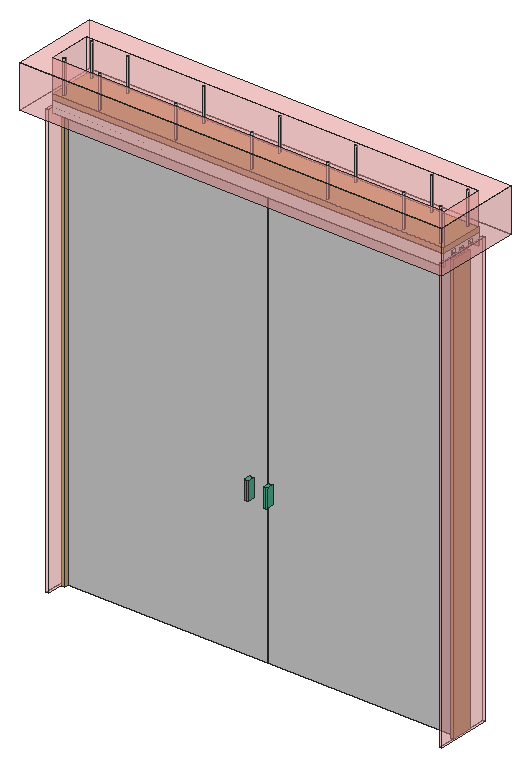
Revit family "Doors-Sliding_WON-DOOR_DuraSound_Manual_Fixed_New", category Doors, host Wall, Revit 2020 (continued)
Definition of nested family "Second Part"
  Automatic sketch dimensions
    curve 22 to Masking region 6 sketch curve = 0' - 6.45236"  (x2)
    curve 22 to Masking region 6 sketch curve = 0' - 4.62455"  (x2)
    curve 22 to Masking region 6 sketch curve = 0' - 6.76736"
    curve 22 to Masking region 6 sketch curve = 0' - 3.74455"  (x2)
    curve 22 to Masking region 6 sketch curve = 0' - 4.94096"  (x2)
    Masking region 6 sketch curve to Masking region 6 sketch curve = 0' - 1 5/8"
    Masking region 6 sketch curve to Masking region 6 sketch curve = 0' - 0.76638"
    Masking region 6 sketch curve to Masking region 6 sketch curve = 0' - 0.176"  (x4)
    Masking region 6 sketch curve to Masking region 6 sketch curve = 0' - 1.03937"  (x2)
    curve 22 to Masking region 6 sketch curve = 0' - 6.13736"  (x2)
    Masking region 6 sketch curve to Masking region 6 sketch curve = 0' - 0.09699"
    curve 22 to Masking region 6 sketch curve = 0' - 5.25596"  (x2)
    curve 22 to Masking region 6 sketch curve = 0' - 5.82096"  (x2)
    curve 22 to Masking region 6 sketch curve = 0' - 7.08236"  (x2)
    Masking region 6 sketch curve to Masking region 6 sketch curve = 0' - 0.165"  (x2)
    Masking region 6 sketch curve to Masking region 6 sketch curve = 0' - 1.48"
    Masking region 6 sketch curve to Masking region 6 sketch curve = 0' - 1.52748"
    Masking region 6 sketch curve to Masking region 6 sketch curve = 0' - 0.02374"
    Masking region 6 sketch curve to Masking region 6 sketch curve = 0' - 0.06801"
    Masking region 6 sketch curve to Masking region 6 sketch curve = 0' - 0.94238"
    Masking region 6 sketch curve to Masking region 6 sketch curve = 0' - 1.08364"
    curve 22 to Masking region 6 sketch curve = 0' - 4.84036"
    Masking region 6 sketch curve to Masking region 6 sketch curve = 0' - 0.23546"  (x2)
    curve 22 to Masking region 6 sketch curve = 0' - 7.05879"
    Masking region 6 sketch curve to Masking region 6 sketch curve = 0' - 0.42411"
    Masking region 6 sketch curve to Masking region 6 sketch curve = 0' - 0.44315"
    Masking region 6 sketch curve to Masking region 6 sketch curve = 0' - 0.69007"
    Masking region 6 sketch curve to Masking region 6 sketch curve = 0' - 0.71285"
    Masking region 6 sketch curve to Masking region 6 sketch curve = 0' - 0.315"  (x13)
    Masking region 6 sketch curve to Masking region 6 sketch curve = 0' - 0.10059"
    Masking region 6 sketch curve to Masking region 6 sketch curve = 0' - 0 81/256"
    Masking region 6 sketch curve to Masking region 6 sketch curve = 0' - 0 1/4"  (x6)
    Masking region 6 sketch curve to Masking region 6 sketch curve = 0' - 0.71661"  (x2)
    Masking region 6 sketch curve to Masking region 6 sketch curve = 0' - 0 1/8"  (x3)
    Masking region 6 sketch curve to Masking region 6 sketch curve = 0' - 0.74102"
    Masking region 6 sketch curve to Masking region 6 sketch curve = 0' - 0.624"  (x2)
    curve 22 to Masking region 6 sketch curve = 0' - 0.26799"
    curve 1 to Masking region 11 sketch curve = 2' - 10.095"
    Masking region 11 sketch curve to Masking region 11 sketch curve = 0' - 0.1"
    Masking region 11 sketch curve to Masking region 11 sketch curve = 0' - 0.124"
    Masking region 11 sketch curve to Masking region 11 sketch curve = 0' - 0.03"  (x2)
    Masking region 11 sketch curve to Masking region 11 sketch curve = 0' - 0.02772"  (x2)
    Masking region 11 sketch curve to Masking region 11 sketch curve = 0' - 0.04162"  (x2)
    Masking region 11 sketch curve to Masking region 11 sketch curve = 0' - 0.23816"  (x2)
    Masking region 11 sketch curve to Masking region 11 sketch curve = 0' - 0.905"  (x2)
    Masking region 11 sketch curve to Masking region 11 sketch curve = 0' - 0.935"
    Masking region 11 sketch curve to Masking region 11 sketch curve = 0' - 0.07534"
    curve 1 to Masking region 11 sketch curve = 0' - 0.74734"
    Masking region 11 sketch curve to Masking region 11 sketch curve = 0' - 0.33599"
    Masking region 11 sketch curve to Masking region 11 sketch curve = 0' - 1.26634"  (x2)
    Masking region 11 sketch curve to Masking region 11 sketch curve = 0' - 0.275"  (x2)
    Masking region 11 sketch curve to Masking region 11 sketch curve = 0' - 0.03181"
    curve 1 to Masking region 12 sketch curve = 2' - 10.195"
    Masking region 12 sketch curve to Masking region 12 sketch curve = 0' - 0.062"  (x2)
    Masking region 12 sketch curve to Masking region 12 sketch curve = 0' - 0.038"  (x2)
    Masking region 12 sketch curve to Masking region 12 sketch curve = 0' - 0.08"  (x2)
    Masking region 12 sketch curve to Masking region 12 sketch curve = 0' - 0.07"
    Masking region 12 sketch curve to Masking region 12 sketch curve = 0' - 0.086"  (x2)
    Masking region 12 sketch curve to Masking region 12 sketch curve = 0' - 0.0615"  (x2)
    Masking region 12 sketch curve to Masking region 12 sketch curve = 0' - 0.805"
    Masking region 12 sketch curve to Masking region 12 sketch curve = 0' - 0.815"
    Masking region 12 sketch curve to Masking region 12 sketch curve = 0' - 0.156"
    curve 1 to Masking region 12 sketch curve = 0' - 0.74734"
    Masking region 12 sketch curve to Masking region 12 sketch curve = 0' - 0.429"
    Masking region 12 sketch curve to Masking region 12 sketch curve = 0' - 0.797"  (x2)
    Masking region 12 sketch curve to Masking region 12 sketch curve = 0' - 0"  (x2)
    Masking region 12 sketch curve to Masking region 12 sketch curve = 0' - 0.1"  (x4)
    Masking region 12 sketch curve to Masking region 12 sketch curve = 0' - 0 1/8"  (x2)
    Masking region 12 sketch curve to Masking region 12 sketch curve = 0' - 0.03362"
    Masking region 13 sketch curve to curve 1 = 0' - 0.905"
    Masking region 13 sketch curve to Masking region 13 sketch curve = 0' - 0.1"  (x2)
    Masking region 13 sketch curve to Masking region 13 sketch curve = 0' - 0.09934"  (x2)
    Masking region 13 sketch curve to Masking region 13 sketch curve = 0' - 0.23816"  (x2)
    curve 1 to Masking region 13 sketch curve = 0' - 0.4675"
    Masking region 13 sketch curve to curve 1 = 0' - 0.74734"
    curve 1 to Masking region 13 sketch curve = 0' - 2.13534"  (x2)
    Masking region 13 sketch curve to Masking region 13 sketch curve = 0' - 0.275"  (x2)
    Masking region 13 sketch curve to Masking region 13 sketch curve = 0' - 0.10998"
    Masking region 13 sketch curve to Masking region 13 sketch curve = 0' - 0.1188"  (x2)
    Masking region 14 sketch curve to curve 1 = 0' - 0.805"
    Masking region 14 sketch curve to Masking region 14 sketch curve = 0' - 0.1"  (x8)
    Masking region 14 sketch curve to Masking region 14 sketch curve = 0' - 0.08"  (x2)
    Masking region 14 sketch curve to Masking region 14 sketch curve = 0' - 0.07"  (x2)
    Masking region 14 sketch curve to Masking region 14 sketch curve = 0' - 0.086"  (x2)
    Masking region 14 sketch curve to Masking region 14 sketch curve = 0' - 0.0615"  (x2)
    curve 1 to Masking region 14 sketch curve = 0' - 0.4075"
    curve 1 to Masking region 14 sketch curve = 0' - 2.03534"
    Masking region 14 sketch curve to Masking region 14 sketch curve = 0' - 0"  (x2)
    Masking region 14 sketch curve to Masking region 14 sketch curve = 0' - 0 1/8"  (x2)
    Masking region 14 sketch curve to curve 1 = 0' - 0.74734"
    Masking region 15 sketch curve to curve 1 = 0' - 0.905"
    curve 1 to Masking region 15 sketch curve = 0' - 0.905"
    Masking region 15 sketch curve to curve 1 = 0' - 0.74734"
    curve 1 to Masking region 15 sketch curve = 0' - 2.52032"
    Masking region 16 sketch curve to curve 1 = 0' - 0.805"
    Masking region 16 sketch curve to Masking region 16 sketch curve = 0' - 0.18"  (x2)
    curve 1 to Masking region 16 sketch curve = 0' - 0 5/8"
    Masking region 16 sketch curve to curve 1 = 0' - 0.74734"
    curve 1 to Masking region 16 sketch curve = 0' - 2.03534"
    Masking region 16 sketch curve to Masking region 16 sketch curve = 0' - 0.1"
    Masking region 16 sketch curve to Masking region 16 sketch curve = 0' - 0.325"
Types (3): name | Second Stack Depth Offset | Offset for Width | Array for Second Pocket Vis | Stack Depth | Single Door Geometry | Single Door | Second Stack Depth | Rough Width | Real Step for Pocket Threaded Rods | Real Step for Clear Opening Threaded Rods | Double Door Geometry | Double Door | Array for Clear Opening Length | Array for Clear Opening Threaded Rods | Array for Pocket Threaded Rods
  (no name) | 0' - 2" | 1' - 0 1/8" | yes | 1' - 0 1/8" | no | no | 0' - 10 1/8" | 8' - 5" | 0' - 10 1/8" | 1' - 3 7/16" | yes | yes | 5' - 1 3/4" | 5 | 2
  Single Parting Door | 0' - 0" | 0' - 0" | no | 1' - 6 1/4" | yes | yes | 1' - 0" | 8' - 11 1/8" | 0' - 8 1/8" | 1' - 5.91667" | no | no | 4' - 5 3/4" | 4 | 3
  Bi-Parting Door | 0' - 2" | 1' - 0 1/8" | yes | 1' - 0 1/8" | no | no | 0' - 10 1/8" | 8' - 5" | 0' - 10 1/8" | 1' - 3 7/16" | yes | yes | 5' - 1 3/4" | 5 | 2
